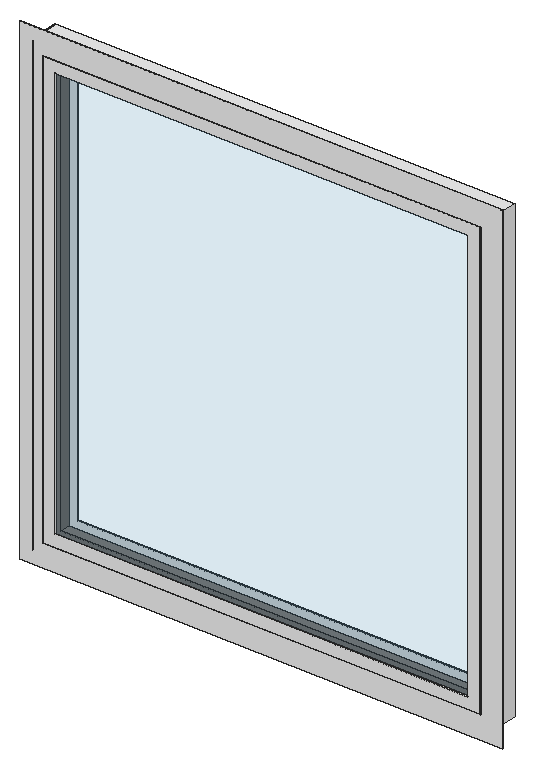
Revit family "Casement_28_D_Side_Hung_Custom", category Windows, host Wall, Revit 2014
Parameters (values of type "Casement_Sash_DG")
  Width Sash [instance] = 30 mm
  Width Sash Inner = 15 mm
  Width Bead = 15 mm
  Top Hung [instance] = yes
  Side Hung Right [instance] = yes
  Side Hung Left [instance] = yes
  Sash Opening Width [instance] = 600 mm
  Sash Opening Height [instance] = 600.312 mm
  Sash Lip = 15 mm
  Glazing Material [instance] = Glass
  DG Start Piece 2 [instance] = DG End Piece 1 + DG Gasket Thickness  # 25 mm
  DG Start Peice 1 [instance] = (Depth Sash - (2 * DG Glazing Thickness) - DG Gasket Thickness) / 2  # 6.6 mm
  Glazing Offset = 5 mm
  DG Glazing Thickness [instance] = 6.4 mm
  DG Gasket Thickness = 12 mm  # constant formula
  DG Gasket Material [instance] = Double Glazing Gasket Material
  DG End Piece 2 [instance] = DG Start Piece 2 + DG Glazing Thickness  # 31.4 mm
  DG End Piece 1 [instance] = DG Start Peice 1 + DG Glazing Thickness  # 13 mm
  Depth Sash [instance] = 38 mm
  Center Vertical Sash [instance] = Sash Opening Height / 2  # 300.156 mm
  Center Horizontal Sash [instance] = Sash Opening Width / 2  # 300 mm
  Bottom Hung [instance] = yes
  Bead Offset = 15 mm
  Aluminium Thickness = 1 mm
  Aluminium Material [instance] = White Powder Coated Aluminium
Reference planes
  plane 1 "Center (Front/Back)": y = 0
  plane 2: z = 0
  plane 3 "Center (Left/Right)": x = 0
Forms (mm)
  Sweep 1, solid, material "White Powder Coated Aluminium" <- "Aluminium Material"
    path origin (16.177, 0, 121.331) x (1, 0, 0) y (0, 0, 1)
      loop
        line (0, 0) -> (600, 0) -> (600, 600.312) -> (0, 600.312) -> (0, 0)
    profile origin (316.177, 0, 121.331) x (0, 0, 1) y (0, -1, 0)
      loop
        line (0, 0) -> (30, 0) -> (30, 1) -> (15, 1) -> (15, 38) -> (-15, 38) -> (-15, 37) -> (0, 37) -> (0, 0)
      loop
        line (14, 1) -> (14, 37) -> (1, 37) -> (1, 1) -> (14, 1)
  Sweep 2, solid, material "White Powder Coated Aluminium" <- "Aluminium Material"
    path origin (0, 0, 0) x (1, 0, 0) y (0, 0, 1)
      loop
        line (31.177, 706.643) -> (31.177, 136.331) -> (601.177, 136.331) -> (601.177, 706.643) -> (31.177, 706.643)
    profile origin (316.177, 0, 706.643) x (0, 0, 1) y (0, -1, 0)
      loop
        line (0, 37) -> (0, 38) -> (-15, 38) -> (-15, 37) -> (0, 37)
  Extrusion 3, solid, material "Glass" <- "Glazing Material"
    sketch origin (0, 0, 0) x (1, 0, 0) y (0, 0, 1)
      loop
        line (36.177, 701.643) -> (36.177, 141.331) -> (596.177, 141.331) -> (596.177, 701.643) -> (36.177, 701.643)
    from 6.6 <- "DG Start Peice 1" to 13 <- "DG End Piece 1"
  Extrusion 4, solid, material "Glass" <- "Glazing Material"
    sketch origin (0, 0, 0) x (1, 0, 0) y (0, 0, 1)
      loop
        line (36.177, 701.643) -> (36.177, 141.331) -> (596.177, 141.331) -> (596.177, 701.643) -> (36.177, 701.643)
    from 31.4 <- "DG End Piece 2" to 25 <- "DG Start Piece 2"
  Sweep 5, solid, material "Double Glazing Gasket Material" <- "DG Gasket Material"
    path origin (0, -13, 0) x (1, 0, 0) y (0, 0, 1)
      loop
        line (36.177, 701.643) -> (36.177, 141.331) -> (596.177, 141.331) -> (596.177, 701.643) -> (36.177, 701.643)
    profile origin (316.177, -13, 701.643) x (0, 0, 1) y (0, -1, 0)
      loop
        line (0, 0) -> (0, 12) -> (-7.96, 12) -> (-7.96, 0) -> (0, 0)
Lines and regions (mm)
  model lines
    curve 1: line (1.177, -38, 736.643) -> (31.177, -38, 706.643)
    curve 2: line (601.177, -38, 706.643) -> (631.177, -38, 736.643)
    curve 3: line (601.177, -38, 136.331) -> (631.177, -38, 106.331)
    curve 4: line (1.177, -38, 106.331) -> (31.177, -38, 136.331)
    curve 5: line (631.177, -37, 736.643) -> (616.177, -37, 721.643)
    curve 6: line (1.177, -37, 736.643) -> (16.177, -37, 721.643)
    curve 7: line (1.177, -37, 106.331) -> (16.177, -37, 121.331)
    curve 8: line (631.177, -37, 106.331) -> (616.177, -37, 121.331)
    curve 9: line (616.177, 0, 121.331) -> (586.177, 0, 151.331)
    curve 10: line (46.177, 0, 151.331) -> (16.177, 0, 121.331)
    curve 11: line (616.177, 0, 721.643) -> (586.177, 0, 691.643)
    curve 12: line (46.177, 0, 691.643) -> (16.177, 0, 721.643)
    curve 13: line (31.177, -38, 691.643) -> (46.177, -38, 691.643)
    curve 14: line (586.177, -38, 691.643) -> (601.177, -38, 691.643)
    curve 15: line (586.177, -38, 151.331) -> (601.177, -38, 151.331)
    curve 16: line (31.177, -38, 151.331) -> (46.177, -38, 151.331)
  model lines, style "GenericModelHiddenLines", visible <- "Top Hung"
    curve 17: line (46.386, -31.4, 690.914) -> (316.177, -31.4, 151.331)
    curve 18: line (316.177, -31.4, 151.331) -> (586.177, -31.4, 691.331)
  model lines, style "GenericModelHiddenLines", visible <- "Bottom Hung"
    curve 19: line (46.177, -31.4, 151.331) -> (316.177, -31.4, 691.331)
    curve 20: line (316.177, -31.4, 691.331) -> (586.177, -31.4, 151.331)
  model lines, style "GenericModelHiddenLines", visible <- "Side Hung Left"
    curve 21: line (46.386, -31.4, 690.914) -> (585.24, -31.4, 421.487)
    curve 22: line (585.24, -31.4, 421.487) -> (46.177, -31.4, 151.331)
  model lines, style "GenericModelHiddenLines", visible <- "Side Hung Right"
    curve 23: line (586.177, -31.4, 691.331) -> (46.177, -31.4, 421.487)
    curve 24: line (46.177, -31.4, 421.487) -> (586.177, -31.4, 151.331)
Dimensions and locks
  "Aluminium Thickness": Sweep 1 sketch curve to Sweep 1 sketch curve  (x4)
  "Depth Sash": Sweep 1 sketch curve to Sweep 1 sketch curve
  "Sash Opening Width": Sweep 1 to Sweep 1
  "Sash Opening Height": Sweep 1 to Sweep 1
  "Width Sash": Sweep 1 sketch curve to Sweep 1 sketch curve  (x2)
  "Width Sash Inner": Sweep 1 sketch curve to Sweep 1 sketch curve
  "Sash Lip": Sweep 1 sketch curve to Sweep 1 sketch curve
  "Aluminium Thickness": Sweep 1 to Sweep 2 sketch curve
  "Glazing Offset": Sweep 2 to Extrusion 3 sketch curve  (x3)
  "Glazing Offset": Extrusion 3 sketch curve to Sweep 2
  Sweep 1 to Sweep 1 = 1 mm
  "Aluminium Thickness": Sweep 2 sketch curve to Sweep 2 sketch curve
  "Width Bead": Sweep 2 sketch curve to Sweep 2 sketch curve
  locked: Sweep 5 sketch curve to Sweep 5 sketch curve at 7.96
  "Center Horizontal Sash": Sweep 1 to curve 18
  "Center Horizontal Sash": Sweep 1 to curve 20
  "Center Vertical Sash": Sweep 1 to curve 22
  "Center Vertical Sash": Sweep 1 to curve 24
  aligned and locked: level to plane 2
  aligned and locked: Sweep 1 sketch curve to Sweep 1 sketch curve  (x2)
  aligned and locked: Sweep 2 sketch curve to Sweep 1  (x5)
  aligned and locked: Extrusion 4 sketch curve to Extrusion 3  (x4)
  aligned and locked: Sweep 5 sketch curve to Extrusion 3  (x5)
  aligned and locked: Extrusion 3 to Sweep 5 sketch curve
Automatic sketch dimensions
  plane 3 "Center (Left/Right)" to Sweep 1 sketch curve = 16.177 mm
  level to Sweep 1 sketch curve = 121.331 mm
  plane 3 "Center (Left/Right)" to Sweep 1 sketch curve = 616.177 mm
  level to Sweep 1 sketch curve = 721.643 mm
  profile plane to Sweep 5 sketch curve = 12 mm
  curve 7 to Sweep 1 = 0 mm  (x4)
  curve 6 to Sweep 1 = 0 mm  (x3)
  Sweep 1 to curve 6 = 0 mm
  curve 5 to Sweep 1 = 0 mm  (x3)
  curve 8 to Sweep 1 = 0 mm  (x4)
  Sweep 1 to curve 5 = 0 mm
  curve 16 to Sweep 2 = 0 mm  (x3)
  curve 13 to Sweep 2 = 0 mm  (x3)
  curve 15 to Sweep 2 = 0 mm
  Sweep 2 to curve 15 = 0 mm  (x2)
  curve 14 to Sweep 2 = 0 mm  (x2)
  Sweep 2 to curve 14 = 0 mm
  curve 1 to Sweep 1 = 0 mm  (x4)
  curve 4 to Sweep 1 = 0 mm  (x3)
  Sweep 1 to curve 4 = 0 mm
  curve 3 to Sweep 1 = 0 mm  (x3)
  curve 2 to Sweep 1 = 0 mm  (x4)
  Sweep 1 to curve 3 = 0 mm
  curve 10 to Sweep 1 = 0 mm  (x4)
  curve 12 to Sweep 1 = 0 mm  (x3)
  Sweep 1 to curve 12 = 0 mm
  curve 9 to Sweep 1 = 0 mm  (x4)
  curve 11 to Sweep 1 = 0 mm  (x3)
  Sweep 1 to curve 11 = 0 mm
  Sweep 1 sketch curve to plane 1 "Center (Front/Back)" = 0 mm
  profile plane to Sweep 1 sketch curve = 0 mm
  curve 21 to Extrusion 4 = 10.208 mm
  curve 19 to Extrusion 4 = 10 mm
  curve 23 to Extrusion 4 = 10 mm  (x2)
  curve 22 to Extrusion 4 = 10.937 mm
  curve 20 to Extrusion 4 = 10 mm
  curve 24 to Extrusion 4 = 10 mm
  curve 22 to Extrusion 4 = 10 mm
  curve 18 to Extrusion 4 = 10 mm
  curve 21 to Extrusion 4 = 10.729 mm
  curve 19 to Extrusion 4 = 10.312 mm
  curve 18 to Extrusion 4 = 10.312 mm
